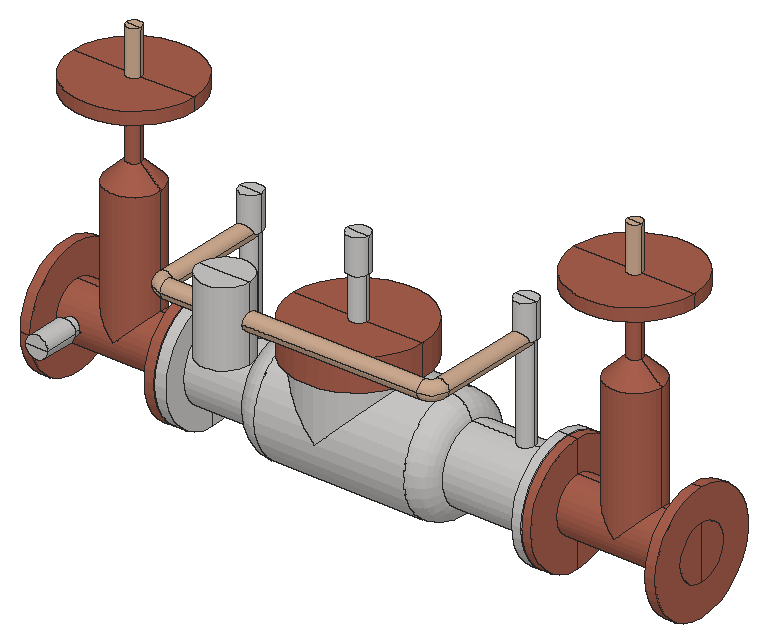
Revit family "xDouble_Check_Detector_Assemblies-Backflow_Preventor-WATTS-774DCDA_OSY_Series", category Pipe Accessories, Revit 2014
Parameters (values of type "2-1/2" 774DCDA-OSY")
  Valve_OAL = 22.000"
  URL = "http://www.watts.com/"
  TC_Nipple_Rad = 0.500"
  TC_Body_Rad = 0.650"
  TC_Body_Length = 2.060"
  TC3_Dist = 19.500"
  TC2_Dist = 3.000"
  TC1_Dist = 1.500"
  Shutoff Valve Height = 16.375"
  Region = "North America"  # constant formula
  Product Page URL = "http://www.watts.com/pages/_products_details.asp?pid=869"
  Product Documentation Link = "http://media.wattswater.com/ES-774DCDA.pdf"
  Ordering Code = "CFM Meter : 0437704 / GPM Meter : 0437705"
  Model = "774DCDA-OSY"
  Max. Working Pressure = "175psi (12.1 bar)"  # constant formula
  Material = "Steel-Watts-300 Series-Stainless Steel"  # constant formula
  Manufacturer Product Line = "Backflow Prevention"  # constant formula
  Manufacturer = "WATTS"
  Length = 38.000"
  Installation Instructions = "http://www.watts.com/pdf/1911292.pdf"
  Height = 16.375"
  GV_Stem_Rad = 0.440"
  GV_Stem_Dist = GV_OAL / 2  # 4.000"
  GV_Out_Flg_Ext_Dist = -0.570"
  GV_OSY_Stem_Hieght = 2.820"
  GV_OAL = 8.000"
  GV_Handle_Thk = 0.750"
  GV_Handle_Rad = 3.625"
  GV_Handle_Hieght = 13.750"
  GV_Flow_Rad = 1.600"
  GV_Flg_Thk = 0.570"
  GV_Flange_Rad = 3.500"
  GV_Bonnet_Hieght = 8.000"
  GV_Bonnet_Angle = 45.00°
  Flow Rate = "15 fps / 4.6 mps"
  Description = "Series 774DCDA Double Check Detector Assemblies prevent the backflow of fire protection system substances from being pumped or siphoned into the potable water supply. It consists of a compact construction and short lay length, ideal for retrofit installations. It features a lightweight stainless steel body, thermoplastic and stainless steel check valves, and low head loss. Series 774DCDA can be installed in the horizontal or vertical *flow-up* positions.  It is designed for installation on applications identified by local authorities as non-health hazard, such as on fire protection systems.  Maximum Working Pressure: 175psi (12.06 bar)."  # constant formula
  Coupling_Thk = 1.880"
  Coupling_Rad = 3.875"
  Country = "United States"  # constant formula
  Connection_Rad = 1 1/4"
  Connection Type = "Flange and Grooved Connections"  # constant formula
  Connection Size = Connection_Rad * 2  # 2.500"
  Chk_In_Cover = 9.440"
  Chk_In_Chk_Main = 4.350"
  Chk_Flow_Rad = 2.250"
  Chk_Flange_Thk = 0.750"
  Chk_Flange_Rad = 3.500"
  Chk_Cover_Rad = 3.320"
  Chk_Cover_Hieght = 6.000"
  Chk_Body_Rad = 3.320"
  Chk_Body_Length = 11.960"
  Chk_Body_Fillet = 1.500"
  CL_TC2-3 = 9.210"
  CL_TC1 = 4.140"
  CL_Cover_TC = BP_Hieght  # 10.000"
  BP_WM_Length = 4.440"  # constant formula
  BP_WM_Rad = 2.000"
  BP_WM_Dist = 7.000"
  BP_Sweep_Rad = 0.560"
  BP_Rad = 0.500"
  BP_Hieght = 10.000"
  BP_Dist = 6.970"
Types (8): name | Valve_OAL | TC3_Dist | TC2_Dist | TC1_Dist | Shutoff Valve Height | Ordering Code | Length | Height | GV_Stem_Rad | GV_Stem_Dist | GV_Out_Flg_Ext_Dist | GV_OSY_Stem_Hieght | GV_OAL | GV_Handle_Thk | GV_Handle_Rad | GV_Handle_Hieght | GV_Flow_Rad | GV_Flg_Thk | GV_Flange_Rad | GV_Bonnet_Hieght | Flow Rate | Coupling_Thk | Coupling_Rad | Connection_Rad | Connection Size | Chk_In_Cover | Chk_In_Chk_Main | Chk_Flow_Rad | Chk_Flange_Thk | Chk_Flange_Rad | Chk_Cover_Rad | Chk_Cover_Hieght | Chk_Body_Rad | Chk_Body_Length | Chk_Body_Fillet | CL_TC2-3 | CL_TC1 | CL_Cover_TC | BP_WM_Dist | BP_Hieght | BP_Dist
  (no name) | 22.000" | 19.500" | 3.000" | 1.500" | 16.375" | "CFM Meter : 0437704 / GPM Meter : 0437705" | 38.000" | 16.375" | 0.440" | 4.000" | -0.570" | 2.820" | 8.000" | 0.750" | 3.625" | 13.750" | 1.600" | 0.570" | 3.500" | 8.000" | "15 fps / 4.6 mps" | 1.880" | 3.875" | 1 1/4" | 2.500" | 9.440" | 4.350" | 2.250" | 0.750" | 3.500" | 3.320" | 6.000" | 3.320" | 11.960" | 1.500" | 9.210" | 4.140" | 10.000" | 7.000" | 10.000" | 6.970"
  2-1/2" 774DCDA-OSY | 22.000" | 19.500" | 3.000" | 1.500" | 16.375" | "CFM Meter : 0437704 / GPM Meter : 0437705" | 38.000" | 16.375" | 0.440" | 4.000" | -0.570" | 2.820" | 8.000" | 0.750" | 3.625" | 13.750" | 1.600" | 0.570" | 3.500" | 8.000" | "15 fps / 4.6 mps" | 1.880" | 3.875" | 1 1/4" | 2.500" | 9.440" | 4.350" | 2.250" | 0.750" | 3.500" | 3.320" | 6.000" | 3.320" | 11.960" | 1.500" | 9.210" | 4.140" | 10.000" | 7.000" | 10.000" | 6.970"
  3" 774DCDA-OSY | 22.000" | 19.500" | 3.000" | 1.500" | 18.880" | "CFM Meter : 0437712 / GPM Meter : 0437713" | 38.000" | 18.875" | 0.550" | 4.000" | -0.550" | 3.200" | 8.000" | 0.750" | 4.000" | 15.500" | 1.850" | 0.550" | 3.740" | 10.000" | "15 fps / 4.6 mps" | 1.880" | 3.875" | 1 1/2" | 3.000" | 9.440" | 4.350" | 2.250" | 0.750" | 3.740" | 3.320" | 6.000" | 3.320" | 11.960" | 1.500" | 9.210" | 4.140" | 10.000" | 7.000" | 10.000" | 6.970"
  4" 774DCDA-OSY | 22.000" | 19.500" | 3.000" | 1.890" | 22.750" | "CFM Meter : 0438004 / GPM Meter : 0438005" | 40.000" | 22.750" | 0.550" | 4.500" | -0.940" | 4.750" | 9.000" | 0.750" | 4.410" | 18.000" | 2.560" | 0.940" | 4.500" | 11.000" | "15 fps / 4.6 mps" | 1.880" | 3.875" | 2" | 4.000" | 9.440" | 4.350" | 2.250" | 0.940" | 4.500" | 3.320" | 6.000" | 3.320" | 11.960" | 1.500" | 9.210" | 5.100" | 10.000" | 7.000" | 10.000" | 6.970"
  6" 774DCDA-OSY | 27.500" | 24.750" | 2.250" | 2.100" | 30.125" | "CFM Meter : 0438012 / GPM Meter : 0438013" | 48.500" | 30.125" | 0.625" | 5.250" | -1.000" | 6.750" | 10.500" | 0.750" | 5.500" | 23.380" | 3.580" | 1.000" | 5.500" | 14.000" | "10 fps / 3 mps" | 2.320" | 4.875" | 3" | 6.000" | 11.590" | 3.530" | 3.320" | 1.000" | 5.500" | 4.320" | 7.580" | 4.340" | 17.000" | 2.000" | 10.210" | 7.360" | 15.000" | 8.000" | 15.000" | 7.500"
  8" 774DCDA-OSY | 29.500" | 25.620" | 3.870" | 2.440" | 37.750" | "CFM Meter : 0438028 / GPM Meter : 0438029" | 52.500" | 37.750" | 0.660" | 5.750" | -1.180" | 8.500" | 11.500" | 0.750" | 5.500" | 30.500" | 4.530" | 1.180" | 6.750" | 20.000" | "10 fps / 3 mps" | 2.320" | 5.875" | 4" | 8.000" | 13.000" | 3.130" | 4.330" | 1.000" | 6.750" | 5.375" | 9.290" | 6.360" | 23.270" | 2.000" | 14.000" | 8.310" | 15.000" | 10.000" | 15.000" | 10.500"
  10" 774DCDA-OSY | 29.500" | 25.940" | 4.190" | 2.560" | 45.750" | "CFM Meter : 0438044 / GPM Meter : 0438045" | 55.500" | 45.750" | 0.840" | 6.500" | -1.180" | 11.300" | 13.000" | 1.000" | 6.220" | 38.000" | 5.600" | 1.180" | 8.000" | 25.000" | "10 fps / 3 mps" | 2.320" | 5.875" | 5" | 10.000" | 13.030" | 2.400" | 5.400" | 1.120" | 8.000" | 5.375" | 9.260" | 7.000" | 24.700" | 2.000" | 14.000" | 9.370" | 15.000" | 10.000" | 15.000" | 10.500"
  12" 774DCDA-OSY | 29.500" | 23.620" | 4.370" | 2.620" | 53.125" | "CFM Meter : 0438084 / GPM Meter : 0438085" | 57.500" | 53.125" | 0.840" | 7.000" | -1.260" | 12.030" | 14.000" | 1.000" | 7.000" | 43.150" | 6.580" | 1.260" | 9.500" | 25.000" | "10 fps / 3 mps" | 2.320" | 5.875" | 6" | 12.000" | 13.250" | 2.400" | 6.375" | 1.000" | 9.500" | 5.375" | 9.300" | 7.000" | 24.000" | 2.000" | 14.920" | 10.360" | 15.000" | 10.000" | 15.000" | 10.500"
Reference planes (in)
  plane 1 "Center (Front/Back)": y = 0
  plane 2: z = 0
  plane 3 "Center (Left/Right)": x = 0
  plane 4 "GV1_Outlet": x = 8
  plane 5 "GV2_Outlet": x = 38
  plane 6 "GV2_Inlet": x = 30
  plane 7 "GV_Handle": z = 13.75
  plane 8 "Bypass_Hieght": z = 10
  plane 9 "Bypass_WP": y = -6.97
  plane 10: z = 16.375
  plane 11: x = 1.5
  plane 12: x = 19
  plane 13: x = 0
  plane 14: x = 10.05161
  plane 15: x = 19
  plane 16: x = 27.94839
  plane 17: x = 38
Forms (in)
  Revolve 1, solid, material "Metal-WATTS-Bronze-Nickel Plated"
    sketch origin (0, 0, 0) x (1, 0, 0) y (0, 0, 1)
      loop
        line (0, -1.6) -> (7.43, -1.6) -> (7.43, -3.5) -> (8, -3.5) -> (8, 0) -> (0, 0) -> (0, -1.6)
      loop
        line (30, 0) -> (30, -3.5) -> (30.57, -3.5) -> (30.57, -1.6) -> (38, -1.6) -> (38, 0) -> (30, 0)
      axis (0, 0) -> (38, 0)
    angle from 0 to 360
  Extrusion 2, solid, material "Metal-WATTS-Bronze-Nickel Plated"
    sketch origin (0, 0, 0) x (0, 1, 0) y (0, 0, 1)
      loop
        circle (0, 0) r 3.5
    from 0 to 0.57 <- "GV_Flg_Thk"
  Extrusion 3, solid, material "Metal-WATTS-Bronze-Nickel Plated"
    sketch origin (38, 0, 0) x (0, 0, 1) y (0, -1, 0)
      loop
        circle (0, 0) r 3.5
    from 0 to -0.57 <- "GV_Out_Flg_Ext_Dist"
  Revolve 4, solid, material "Metal-WATTS-Bronze-Nickel Plated"
    sketch origin (0, 0, 0) x (1, 0, 0) y (0, 0, 1)
      loop
        line (4, 0) -> (4, 16.375) -> (3.56, 16.375) -> (3.56, 13.75) -> (0.375, 13.75) -> (0.375, 13) -> (3.56, 13) -> (3.56, 9.16) -> (2.4, 8) -> (2.4, 0) -> (4, 0)
      axis (4, 16.375) -> (4, 0)
    angle from 0 to 360
  Revolve 5, solid, material "Metal-WATTS-Bronze-Nickel Plated"
    sketch origin (0, 0, 0) x (1, 0, 0) y (0, 0, 1)
      loop
        line (34, 0) -> (34, 16.375) -> (33.56, 16.375) -> (33.56, 13.75) -> (30.375, 13.75) -> (30.375, 13) -> (33.56, 13) -> (33.56, 9.16) -> (32.4, 8) -> (32.4, 0) -> (34, 0)
      axis (34, 16.375) -> (34, 0)
    angle from 0 to 360
  Revolve 6, solid, material "Metal-WATTS-300 Series-Stainless Steel"
    sketch origin (0, 0, 0) x (1, 0, 0) y (0, 0, 1)
      loop
        line (8, 0) -> (8, -3.5) -> (8.75, -3.5) -> (8.75, -2.25) -> (29.43, -2.25) -> (29.43, -3.5) -> (30, -3.5) -> (30, 0) -> (8, 0)
      axis (8, 0) -> (30, 0)
    angle from 0 to 360
  Revolve 7, solid, material "Metal-WATTS-300 Series-Stainless Steel"
    sketch origin (0, 0, 0) x (1, 0, 0) y (0, 0, 1)
      loop
        line (12.35, 0) -> (24.31, 0) -> (24.31, 1.82)
        arc (24.31, 1.82) -> (23.87066, 2.88066) -> (22.81, 3.32) r 1.5
        line (22.81, 3.32) -> (13.85, 3.32)
        arc (13.85, 3.32) -> (12.78934, 2.88066) -> (12.35, 1.82) r 1.5
        line (12.35, 1.82) -> (12.35, 0)
      axis (12.35, 0) -> (24.31, 0)
    angle from 0 to 360
  Revolve 8, solid, material "Metal-WATTS-300 Series-Stainless Steel"
    sketch origin (0, 0, 0) x (1, 0, 0) y (0, 0, 1)
      loop
        line (17.44, 0) -> (17.44, 5.38) -> (13.565, 5.38) -> (13.565, 3.5) -> (14.12, 3.5) -> (14.12, 0) -> (17.44, 0)
      axis (17.44, 5.38) -> (17.44, 0)
    angle from 0 to 360
  Revolve 9, solid, material "Metal-WATTS-300 Series-Stainless Steel"
    sketch origin (0, 0, 0) x (1, 0, 0) y (0, 0, 1)
      loop
        line (11, 0) -> (11, 10) -> (10.35, 10) -> (10.35, 7.94) -> (10.5, 7.94) -> (10.5, 0) -> (11, 0)
      axis (11, 10) -> (11, 0)
    angle from 0 to 360
  Revolve 10, solid, material "Metal-WATTS-300 Series-Stainless Steel"
    sketch origin (0, 0, 0) x (1, 0, 0) y (0, 0, 1)
      loop
        line (27.5, 0) -> (27.5, 10) -> (26.85, 10) -> (26.85, 7.94) -> (27, 7.94) -> (27, 0) -> (27.5, 0)
      axis (27.5, 10) -> (27.5, 0)
    angle from 0 to 360
  Revolve 11, solid, material "Metal-WATTS-300 Series-Stainless Steel"
    sketch origin (0, 0, 0) x (1, 0, 0) y (0, 0, 1)
      loop
        line (17.44, 0) -> (17.44, 10) -> (16.79, 10) -> (16.79, 7.94) -> (16.94, 7.94) -> (16.94, 0) -> (17.44, 0)
      axis (17.44, 10) -> (17.44, 0)
    angle from 0 to 360
  Revolve 12, solid, material "Metal-WATTS-300 Series-Stainless Steel"
    sketch origin (0, 0, 0) x (1, 0, 0) y (0, 1, 0)
      loop
        line (1.5, 0) -> (1, 0) -> (1, -2.08) -> (0.85, -2.08) -> (0.85, -4.14) -> (1.5, -4.14) -> (1.5, 0)
      axis (1.5, 0) -> (1.5, -4.14)
    angle from 0 to 360
  Sweep 13, solid, material "Metal-WATTS-Bronze"
    path origin (0.07462, 0, 10) x (-1, 0, 0) y (0, -1, 0)
      loop
        line (-10.92538, 0) -> (-10.92538, 6.41)
        arc (-10.92538, 6.41) -> (-11.0894, 6.80598) -> (-11.48538, 6.97) r 0.56
        line (-11.48538, 6.97) -> (-26.86538, 6.97)
        arc (-26.86538, 6.97) -> (-27.26136, 6.80598) -> (-27.42538, 6.41) r 0.56
        line (-27.42538, 6.41) -> (-27.42538, 0)
    profile origin (11, 0, 10) x (1, 0, 0) y (0, 0, 1)
      loop
        circle (0, -2.06) r 0.5
  Revolve 14, solid, material "Metal-WATTS-300 Series-Stainless Steel"
    sketch origin (0, -6.97, 0) x (0, 0, 1) y (-1, 0, 0)
      loop
        line (10, -15) -> (10, -13.5) -> (5.56, -13.5) -> (5.56, -15) -> (10, -15)
      axis (10, -15) -> (5.56, -15)
    angle from 0 to 360
Lines and regions (in)
  Masking region 1, detail levels fine
    outline origin (0, 0, 13.75) x (-1, 0, 0) y (0, -1, 0)
      loop
        line (0, -3.5) -> (0, 3.5) -> (-0.57, 3.5) -> (-0.57, 1.6) -> (-0.85, 1.6) -> (-0.85, 4.14) -> (-2.15, 4.14) -> (-2.15, 1.6) -> (-7.43, 1.6) -> (-7.43, 3.5) -> (-8.75, 3.5) -> (-8.75, 2.25) -> (-10.5, 2.25) -> (-10.5, 6.47)
        arc (-10.5, 6.47) -> (-10.79289, 7.17711) -> (-11.5, 7.47) r 1
        line (-11.5, 7.47) -> (-13.58579, 7.47)
        arc (-13.58579, 7.47) -> (-15, 8.47) -> (-16.41421, 7.47) r 1.5
        line (-16.41421, 7.47) -> (-27, 7.47)
        arc (-27, 7.47) -> (-27.70711, 7.17711) -> (-28, 6.47) r 1
        line (-28, 6.47) -> (-28, 2.25) -> (-29.43, 2.25) -> (-29.43, 3.5) -> (-30.57, 3.5) -> (-30.57, 1.6) -> (-37.43, 1.6) -> (-37.43, 3.5) -> (-38, 3.5) -> (-38, -3.5) -> (-37.43, -3.5) -> (-37.43, -1.6) -> (-30.57, -1.6) -> (-30.57, -3.5) -> (-29.43, -3.5) -> (-29.43, -2.25) -> (-8.75, -2.25) -> (-8.75, -3.5) -> (-7.43, -3.5) -> (-7.43, -1.6) -> (-0.57, -1.6) -> (-0.57, -3.5) -> (0, -3.5)
      loop
        line (-11.5, 6.47) -> (-13.58579, 6.47)
        arc (-13.58579, 6.47) -> (-15, 5.47) -> (-16.41421, 6.47) r 1.5
        line (-16.41421, 6.47) -> (-27, 6.47) -> (-27, 2.25) -> (-11.5, 2.25) -> (-11.5, 6.47)
  Masking region 2, detail levels fine
    outline origin (0, 0, 13.75) x (-1, 0, 0) y (0, -1, 0)
      loop
        circle (-4, 0) r 3.625
      loop
        circle (-34, 0) r 3.625
      loop
        circle (-17.44, 0) r 3.875
  symbolic lines, detail levels fine
    curve 1: line (0.57, 1.6, 13.75) -> (0.57, -1.6, 13.75)
    curve 2: line (7.43, 1.6, 13.75) -> (7.43, -1.6, 13.75)
    curve 3: line (8.75, 2.25, 13.75) -> (8.75, -2.25, 13.75)
    curve 4: line (29.43, 2.25, 13.75) -> (29.43, -2.25, 13.75)
    curve 5: line (30.57, -1.6, 13.75) -> (30.57, 1.6, 13.75)
    curve 6: line (37.43, -1.6, 13.75) -> (37.43, 1.6, 13.75)
    curve 7: arc (13.58579, -6.47, 13.75) -> (13.5, -6.97, 13.75) -> (13.58579, -7.47, 13.75) r 1.5
    curve 8: arc (16.41421, -6.47, 13.75) -> (16.5, -6.97, 13.75) -> (16.41421, -7.47, 13.75) r 1.5
    curve 9: circle (27.5, 0, 13.75) r 0.65 normal (0, 0, 1)
    curve 10: circle (11, 0, 13.75) r 0.65 normal (0, 0, 1)
    curve 11: line (10.5, -2.25, 13.75) -> (10.5, -0.41533, 13.75)
    curve 12: line (11.5, -2.25, 13.75) -> (11.5, -0.41533, 13.75)
    curve 13: line (28, -2.25, 13.75) -> (28, -0.41533, 13.75)
    curve 14: line (27, -2.25, 13.75) -> (27, -0.41533, 13.75)
    curve 15: circle (4, 0, 13.75) r 0.44 normal (0, 0, 1)
    curve 16: circle (17.44, 0, 13.75) r 0.65 normal (0, 0, 1)
    curve 17: circle (34, 0, 13.75) r 0.44 normal (0, 0, 1)
    curve 18: arc (0.85, -1.6, 13.75) -> (1.5, -1.07173, 13.75) -> (2.15, -1.6, 13.75) r 0.66403
  model lines, detail levels coarse+medium
    curve 19: line (0, 1.91532, 0) -> (0, -1.91532, 0)
    curve 20: line (0, -1.91532, 0) -> (10.05161, 1.91532, 0)
    curve 21: line (10.05161, -1.91532, 0) -> (10.05161, 1.91532, 0)
    curve 22: line (10.05161, 1.91532, 0) -> (19, -1.91532, 0)
    curve 23: line (19, -1.91532, 0) -> (19, 1.91532, 0)
    curve 24: line (19, 1.91532, 0) -> (27.94839, -1.91532, 0)
    curve 25: line (27.94839, -1.91532, 0) -> (27.94839, 1.91532, 0)
    curve 26: line (27.94839, 1.91532, 0) -> (38, -1.91532, 0)
    curve 27: line (38, -1.91532, 0) -> (38, 1.91532, 0)
    curve 28: line (38, 1.91532, 0) -> (27.94839, -1.91532, 0)
    curve 29: line (0, 1.91532, 0) -> (10.05161, -1.91532, 0)
    curve 30: line (32.97419, 0, 0) -> (32.97419, 1.91532, 0)
    curve 31: line (3.90087, 1.91532, 0) -> (6.15074, 1.91532, 0)
    curve 32: line (31.84926, 1.91532, 0) -> (34.09913, 1.91532, 0)
    curve 33: line (5.02581, 0, 0) -> (5.02581, 1.91532, 0)
Dimensions and locks (in)
  "GV_OAL": plane 4 "GV1_Outlet" to plane 3 "Center (Left/Right)"
  "Valve_OAL": plane 6 "GV2_Inlet" to plane 4 "GV1_Outlet"
  "GV_OAL": plane 5 "GV2_Outlet" to plane 6 "GV2_Inlet"
  "GV_Flow_Rad": level to Revolve 1 sketch curve
  "GV_Flg_Thk": Revolve 1 sketch curve to Revolve 1 sketch curve  (x2)
  "GV_Flange_Rad": level to Revolve 1 sketch curve
  "GV_Stem_Dist": Revolve 4 sketch curve to plane 3 "Center (Left/Right)"
  "GV_Stem_Rad": Revolve 4 sketch curve to Revolve 4 sketch curve
  "GV_Handle_Rad": Revolve 4 sketch curve to Revolve 4 sketch curve
  "GV_Flow_Rad": Revolve 4 sketch curve to Revolve 4 sketch curve
  "GV_Bonnet_Hieght": Revolve 4 sketch curve to level
  "GV_Handle_Hieght": Revolve 4 sketch curve to level
  "GV_Bonnet_Hieght": Revolve 5 sketch curve to level
  "GV_Flow_Rad": Revolve 5 sketch curve to Revolve 5 sketch curve
  "GV_Stem_Rad": Revolve 5 sketch curve to Revolve 5 sketch curve
  "GV_Handle_Rad": Revolve 5 sketch curve to Revolve 5 sketch curve
  "GV_Stem_Dist": Revolve 5 sketch curve to plane 6 "GV2_Inlet"
  "Chk_Flow_Rad": level to Revolve 6 sketch curve
  "Chk_Flange_Rad": level to Revolve 6 sketch curve
  "Chk_Flange_Thk": Revolve 6 sketch curve to Revolve 6 sketch curve
  "GV_Flg_Thk": Revolve 6 sketch curve to Revolve 6 sketch curve
  "Chk_Body_Rad": Revolve 7 sketch curve to level
  "Chk_In_Chk_Main": Revolve 7 sketch curve to plane 4 "GV1_Outlet"
  "Chk_Body_Length": Revolve 7 sketch curve to Revolve 7 sketch curve
  "Chk_In_Cover": Revolve 8 sketch curve to plane 4 "GV1_Outlet"
  "Coupling_Rad": Revolve 8 sketch curve to Revolve 8 sketch curve
  "Chk_Cover_Rad": Revolve 8 sketch curve to Revolve 8 sketch curve
  "Coupling_Thk": Revolve 8 sketch curve to Revolve 8 sketch curve
  "TC2_Dist": Revolve 9 sketch curve to plane 4 "GV1_Outlet"
  "TC_Body_Rad": Revolve 9 sketch curve to Revolve 9 sketch curve
  "TC_Nipple_Rad": Revolve 9 sketch curve to Revolve 9 sketch curve
  "TC_Body_Length": Revolve 9 sketch curve to Revolve 9 sketch curve
  "TC3_Dist": Revolve 10 sketch curve to plane 4 "GV1_Outlet"
  "TC_Body_Rad": Revolve 10 sketch curve to Revolve 10 sketch curve
  "TC_Nipple_Rad": Revolve 10 sketch curve to Revolve 10 sketch curve
  "Chk_In_Cover": Revolve 11 sketch curve to plane 4 "GV1_Outlet"
  "TC_Body_Rad": Revolve 11 sketch curve to Revolve 11 sketch curve
  "TC_Nipple_Rad": Revolve 11 sketch curve to Revolve 11 sketch curve
  "TC_Body_Length": Revolve 11 sketch curve to Revolve 11 sketch curve
  "CL_Cover_TC": Revolve 11 sketch curve to level
  "TC1_Dist": plane 3 "Center (Left/Right)" to Revolve 12 sketch curve
  "TC_Body_Rad": Revolve 12 sketch curve to Revolve 12 sketch curve
  "TC_Nipple_Rad": Revolve 12 sketch curve to Revolve 12 sketch curve
  "CL_TC1": Revolve 12 sketch curve to plane 1 "Center (Front/Back)"
  "TC_Body_Length": Revolve 12 sketch curve to Revolve 12 sketch curve
  "GV_Handle_Hieght": plane 7 "GV_Handle" to level
  "BP_Hieght": plane 8 "Bypass_Hieght" to level
  "BP_Dist": plane 1 "Center (Front/Back)" to plane 9 "Bypass_WP"
  "TC2_Dist": plane 4 "GV1_Outlet" to Sweep 13 sketch curve
  "TC3_Dist": Revolve 6 to Sweep 13 sketch curve
  "BP_WM_Dist": Revolve 14 sketch curve to plane 4 "GV1_Outlet"
  "Chk_Flange_Rad": plane 1 "Center (Front/Back)" to Masking region 1 sketch curve
  "Chk_Flange_Rad": Masking region 1 sketch curve to plane 1 "Center (Front/Back)"
  "GV_Flow_Rad": Masking region 1 sketch curve to plane 1 "Center (Front/Back)"
  "GV_Flow_Rad": plane 1 "Center (Front/Back)" to Masking region 1 sketch curve
  "Chk_Flow_Rad": plane 1 "Center (Front/Back)" to Masking region 1 sketch curve
  "Chk_Flow_Rad": Masking region 1 sketch curve to plane 1 "Center (Front/Back)"
  "BP_WM_Length": plane 8 "Bypass_Hieght" to Revolve 14 sketch curve
  "Chk_Flange_Rad": Revolve 8 sketch curve to level
  "TC_Body_Length": plane 8 "Bypass_Hieght" to Sweep 13 sketch curve
  "Shutoff Valve Height": Revolve 4 sketch curve to level
  plane 5 "GV2_Outlet" to plane 3 "Center (Left/Right)" = 38.000"
  "Height": plane 10 to level
  "TC1_Dist": plane 3 "Center (Left/Right)" to plane 11
  locked: plane 11 to Masking region 1 sketch curve at 0.65
  locked: Masking region 1 sketch curve to plane 11 at 0.65
  equal spacing: plane 3 "Center (Left/Right)", plane 12, plane 5 "GV2_Outlet"
  locked: plane 13 to plane 14 at 10.05161
  locked: plane 14 to plane 15 at 8.94839
  locked: plane 15 to plane 16 at 8.94839
  locked: plane 16 to plane 17 at 10.05161
  "GV_Flange_Rad": radius of Extrusion 2 sketch curve
  "GV_Flange_Rad": radius of Extrusion 3 sketch curve
  "Chk_Body_Fillet": radius of Revolve 7 sketch curve  (x2)
  "BP_Sweep_Rad": radius of Sweep 13 sketch curve  (x2)
  "BP_Rad": radius of Sweep 13 sketch curve
  radius of Masking region 1 sketch curve = 1.000"  (x2)
  "GV_Bonnet_Angle": angle Revolve 4 sketch curve to Revolve 4 sketch curve
  angle Revolve 5 sketch curve to Revolve 5 sketch curve = 45.00°
  aligned and locked: level to Revolve 1 sketch curve  (x2)
  aligned and locked: Revolve 1 sketch curve to Revolve 1 sketch curve  (x2)
  aligned and locked: Revolve 1 sketch curve to level
  aligned and locked: Revolve 4 sketch curve to level
  aligned and locked: Revolve 4 sketch curve to Revolve 4 sketch curve  (x2)
  aligned and locked: Revolve 5 sketch curve to Revolve 4
  aligned and locked: Revolve 4 to Revolve 5 sketch curve  (x2)
  aligned and locked: Revolve 5 sketch curve to level
  aligned and locked: Revolve 5 sketch curve to Revolve 5 sketch curve  (x2)
  aligned and locked: level to Revolve 6 sketch curve
  aligned and locked: Revolve 6 sketch curve to Revolve 6 sketch curve
  aligned and locked: Revolve 6 sketch curve to plane 4 "GV1_Outlet"
  aligned and locked: plane 6 "GV2_Inlet" to Revolve 6 sketch curve
  aligned and locked: Revolve 6 sketch curve to level
  aligned and locked: Revolve 7 sketch curve to level  (x2)
  aligned and locked: Revolve 8 sketch curve to level
  aligned and locked: Revolve 8 sketch curve to Revolve 8 sketch curve
  aligned and locked: Revolve 9 sketch curve to level
  aligned and locked: Revolve 9 sketch curve to Revolve 9 sketch curve
  aligned and locked: Revolve 10 sketch curve to level
  aligned and locked: Revolve 9 to Revolve 10 sketch curve
  aligned and locked: Revolve 10 sketch curve to Revolve 9
  aligned and locked: Revolve 10 sketch curve to Revolve 10 sketch curve
  aligned and locked: Revolve 8 to Revolve 11 sketch curve
  aligned and locked: Revolve 11 sketch curve to Revolve 11 sketch curve
  aligned and locked: plane 1 "Center (Front/Back)" to Revolve 12 sketch curve
  aligned and locked: Revolve 12 sketch curve to Revolve 12 sketch curve
  aligned and locked: Sweep 13 sketch curve to plane 9 "Bypass_WP"
  aligned and locked: Revolve 14 sketch curve to Revolve 14 sketch curve
  aligned and locked: Masking region 1 sketch curve to Revolve 12
  aligned and locked: Masking region 1 sketch curve to plane 3 "Center (Left/Right)"
  aligned and locked: Extrusion 2 to Masking region 1 sketch curve
  aligned and locked: Masking region 1 sketch curve to Extrusion 2
  aligned and locked: Revolve 1 to Masking region 1 sketch curve  (x2)
  aligned and locked: Masking region 1 sketch curve to Revolve 1  (x2)
  aligned and locked: Revolve 6 to Masking region 1 sketch curve  (x2)
  aligned and locked: Masking region 1 sketch curve to Revolve 6  (x2)
  aligned and locked: Masking region 1 sketch curve to Extrusion 3
  aligned and locked: Extrusion 3 to Masking region 1 sketch curve
  aligned and locked: plane 5 "GV2_Outlet" to Masking region 1 sketch curve
  aligned and locked: Masking region 1 sketch curve to Masking region 1 sketch curve  (x15)
  aligned and locked: Masking region 2 sketch curve to Revolve 4
  aligned and locked: Masking region 2 sketch curve to Revolve 5
  aligned and locked: Masking region 1 sketch curve to Revolve 14  (x2)
  aligned and locked: Sweep 13 to Masking region 1 sketch curve  (x4)
  aligned and locked: plane 8 "Bypass_Hieght" to Revolve 14 sketch curve
  aligned and locked: plane 8 "Bypass_Hieght" to Revolve 9 sketch curve
  aligned and locked: Masking region 2 sketch curve to Revolve 8
  aligned and locked: Extrusion 2 to curve 1  (x2)
  aligned and locked: Masking region 1 to curve 1
  aligned and locked: curve 1 to Masking region 1
  aligned and locked: Revolve 1 to curve 2
  aligned and locked: Masking region 1 to curve 2
  aligned and locked: curve 2 to Masking region 1
  aligned and locked: curve 3 to Revolve 6
  aligned and locked: Masking region 1 to curve 3
  aligned and locked: curve 3 to Masking region 1
  aligned and locked: curve 4 to Revolve 6
  aligned and locked: curve 4 to Masking region 1
  aligned and locked: Masking region 1 to curve 4
  aligned and locked: Revolve 1 to curve 5
  aligned and locked: curve 5 to Masking region 1
  aligned and locked: Masking region 1 to curve 5
  aligned and locked: Extrusion 3 to curve 6
  aligned and locked: curve 6 to Masking region 1
  aligned and locked: Masking region 1 to curve 6
  aligned and locked: curve 17 to Revolve 5
  aligned and locked: curve 9 to Revolve 10
  aligned and locked: curve 16 to Revolve 11
  aligned and locked: curve 10 to Revolve 9
  aligned and locked: curve 15 to Revolve 4
  aligned and locked: curve 12 to Masking region 1
  aligned and locked: Masking region 1 to curve 12
  aligned and locked: curve 11 to Masking region 1
  aligned and locked: Masking region 1 to curve 11
  aligned and locked: Masking region 1 to curve 13
  aligned and locked: curve 14 to Masking region 1
  aligned and locked: curve 13 to Masking region 1
  aligned and locked: Masking region 1 to curve 14
  aligned and locked: curve 8 to Revolve 14
  aligned and locked: Masking region 1 to curve 8
  aligned and locked: curve 8 to Masking region 1
  aligned and locked: curve 7 to Revolve 14
  aligned and locked: curve 7 to Masking region 1
  aligned and locked: Masking region 1 to curve 7
  aligned and locked: curve 18 to Masking region 1  (x2)
  aligned and locked: Masking region 1 to curve 18  (x2)
  aligned and locked: plane 13 to curve 19
  aligned and locked: curve 21 to plane 14
  aligned and locked: curve 23 to plane 15
  aligned and locked: curve 25 to plane 16
  aligned and locked: curve 27 to plane 17
  aligned and locked: plane 15 to plane 12
  aligned and locked: plane 10 to Revolve 4
  aligned and locked: plane 10 to Revolve 5
Automatic sketch dimensions
  Revolve 1 sketch curve to plane 3 "Center (Left/Right)" = 0.000"
  Revolve 1 sketch curve to plane 4 "GV1_Outlet" = 0.000"
  Revolve 1 sketch curve to plane 6 "GV2_Inlet" = 0.000"
  Revolve 1 sketch curve to plane 5 "GV2_Outlet" = 0.000"
  Revolve 1 sketch curve to plane 3 "Center (Left/Right)" = 60.41868"
  Revolve 1 sketch curve to Revolve 1 sketch curve = 28.34541"
  Extrusion 2 sketch curve to level = 0.000"
  Extrusion 2 sketch curve to plane 1 "Center (Front/Back)" = 0.000"
  Extrusion 3 sketch curve to level = 0.000"
  Extrusion 3 sketch curve to plane 1 "Center (Front/Back)" = 0.000"
  Revolve 6 sketch curve to plane 3 "Center (Left/Right)" = 60.41868"
  plane 5 "GV2_Outlet" to Revolve 6 sketch curve = 28.34541"
  Revolve 7 sketch curve to plane 3 "Center (Left/Right)" = 60.41868"
  plane 5 "GV2_Outlet" to Revolve 7 sketch curve = 28.34541"
  Revolve 8 sketch curve to level = 0.000"
  Revolve 8 sketch curve to Revolve 8 sketch curve = 1.260"
  Revolve 11 sketch curve to level = 0.000"
  Revolve 11 sketch curve to Revolve 11 sketch curve = 0.000"
  Revolve 12 sketch curve to plane 1 "Center (Front/Back)" = 0.000"
  Revolve 12 sketch curve to Revolve 12 sketch curve = 0.000"
  Sweep 13 sketch curve to profile plane = 0.000"
  Revolve 14 sketch curve to Revolve 14 sketch curve = 0.000"
  Revolve 14 sketch curve to Revolve 14 sketch curve = 2.920"
  Revolve 14 sketch curve to Revolve 14 sketch curve = 1.500"
  Masking region 1 sketch curve to Masking region 1 sketch curve = 0.000"  (x2)
  Revolve 5 sketch curve to level = 0.000"
  Revolve 5 sketch curve to plane 7 "GV_Handle" = 0.000"
  curve 1 to curve 18 = 0.13576"
  plane 1 "Center (Front/Back)" to curve 33 = 0.000"
  plane 1 "Center (Front/Back)" to curve 30 = 0.000"
  plane 1 "Center (Front/Back)" to curve 25 = 1.91532"
  plane 1 "Center (Front/Back)" to curve 27 = 1.91532"
  plane 1 "Center (Front/Back)" to curve 23 = 1.91532"
  plane 1 "Center (Front/Back)" to curve 29 = 1.91532"
  plane 1 "Center (Front/Back)" to curve 20 = 1.91532"
  curve 25 to plane 1 "Center (Front/Back)" = 1.91532"
  curve 24 to plane 1 "Center (Front/Back)" = 1.91532"
  curve 19 to plane 1 "Center (Front/Back)" = 1.91532"
  curve 27 to plane 1 "Center (Front/Back)" = 1.91532"
  curve 22 to plane 1 "Center (Front/Back)" = 1.91532"
  curve 31 to curve 33 = 1.12493"
  curve 33 to curve 31 = 1.12493"
  curve 32 to curve 30 = 1.12493"
  curve 30 to curve 32 = 1.12493"
  curve 30 to curve 30 = 1.91532"
  curve 31 to plane 1 "Center (Front/Back)" = 1.91532"
  Revolve 4 sketch curve to level = 0.000"
  Revolve 4 sketch curve to plane 7 "GV_Handle" = 0.000"
  Revolve 4 sketch curve to plane 7 "GV_Handle" = 0.750"
  level to Revolve 9 sketch curve = 0.120"
  Revolve 9 sketch curve to Revolve 9 sketch curve = 2.730"
  Revolve 10 sketch curve to level = 0.000"
  Revolve 10 sketch curve to plane 8 "Bypass_Hieght" = 0.000"
  plane 1 "Center (Front/Back)" to Sweep 13 sketch curve = 0.000"  (x2)
Connectors (in)
  piping at (0, 0, 0), diameter 2.5, driven by "Connection_Rad"
    settings: on Extrusion 2, index 1, connector inside diameter 2 1/2", connector length 0.000", flow factor 0, pipe flow 0 GPM, pressure drop 0.00 psi, fitting loss kfactor 0, connector angle 0.00°, fixture units 0, engagement length 0.000", angle of deflection 0.00°, flow configuration 0, flow direction 1, fitting loss method 0, system type 29, joint type 0, gender type 0, connector reference index 2, connector utility 0, adjustable connector no, is connector primary yes, connector description "Inlet Connection"
  piping at (38, 0, 0), diameter 2.5, driven by "Connection_Rad"
    settings: on Extrusion 3, index 2, connector inside diameter 2 1/2", connector length 0.000", flow factor 0, pipe flow 0 GPM, pressure drop 0.00 psi, fitting loss kfactor 0, connector angle 0.00°, fixture units 0, engagement length 0.000", angle of deflection 0.00°, flow configuration 0, flow direction 2, fitting loss method 0, system type 29, joint type 0, gender type 0, connector reference index 1, connector utility 0, adjustable connector no, is connector primary no, connector description "Outlet Connection"
